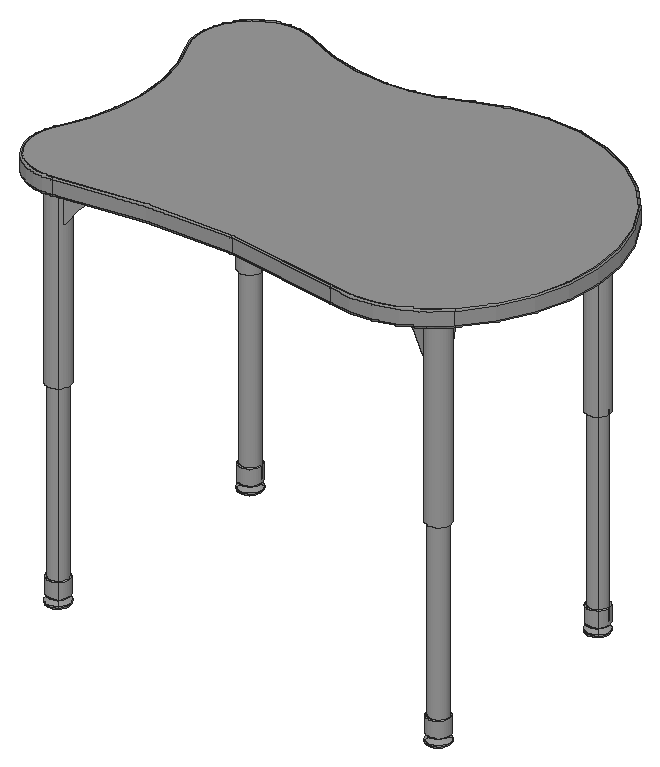
Revit family "Hierarchy Fender Large Desk", category Furniture, Revit 2018
Family settings
  Work Plane-Based = No
  Always vertical = Yes
  Cut with Voids When Loaded = No
  Shared = No
  Room Calculation Point = No
Parameters
  Desk Height = 2' - 5"
  Surface = Hierarchy Fender Large Desk Surface
  Leg Finish = Hierarchy Leg Platinum
  Caster/Glide = Hierarchy Leg - Glide : Hierarchy Leg - Glide
  Edgeband = Hierarchy Fender Large Desk Edgeband
Reference planes (in)
  plane 1 "Center (Front/Back)": y = 0
  plane 2: z = 0
  plane 3 "Center (Left/Right)": x = 0
  plane 4: z = 29
Dimensions and locks (in)
  "Desk Height": plane 4 to level
  aligned and locked: plane 2 to level
  aligned and locked: nested 1 to plane 4
Nested families (in)
  nested 1: "Fender Large Tabletop" at (0, 0, 4.375), type "Fender Large Tabletop"
  nested 2: "Hierarchy Leg - Glide" at (-14.13555, 8.73036, 0) x (0.7187, 0.6953, 0) z (0, 0, 1), type <- "Caster/Glide", Leg Finish <- "Leg Finish", Leg Height <- "Desk Height", type "Hierarchy Leg - Glide"
  nested 3: "Hierarchy Leg - Glide" at (-14.44519, -8.95185, 0) x (-0.6523, 0.758, 0) z (0, 0, 1), type <- "Caster/Glide", Leg Finish <- "Leg Finish", Leg Height <- "Desk Height", type "Hierarchy Leg - Glide"
  nested 4: "Hierarchy Leg - Glide" at (13.41239, -7.99511, 0) x (-0.6516, -0.7585, 0) z (0, 0, 1), Leg Finish <- "Leg Finish", Leg Height <- "Desk Height", type "Hierarchy Leg - Glide"
    with Leg Height 2' - 5", Leg Finish Hierarchy Leg Platinum
  nested 5: "Hierarchy Leg - Glide" at (12.44548, 8.20488, 0) x (0.673, -0.7396, 0) z (0, 0, 1), Leg Finish <- "Leg Finish", Leg Height <- "Desk Height", type "Hierarchy Leg - Glide"
    with Leg Height 2' - 5", Leg Finish Hierarchy Leg Platinum
Definition of nested family "Fender Large Tabletop"
  Parameters (values of type "Fender Large Tabletop")
    Surface = none
    Edgeband = none
  Reference planes (in)
    plane 1 "Center (Front/Back)": y = 0
    plane 2: z = 0
    plane 3 "Center (Left/Right)": x = 0
  Forms (in)
    Extrusion 1, solid, material <- "Surface"
      sketch origin (0, 0, 0) x (1, 0, 0) y (0, 1, 0)
        loop
          arc (-16.54, 5.85448) -> (-15.37005, 2.85446) -> (-14.9842, -0.34243) r 12.82588
          arc (-14.9842, -0.34243) -> (-15.38855, -3.47903) -> (-16.54139, -6.42397) r 12.94498
          arc (-16.54139, -6.42397) -> (-16.27167, -10.0573) -> (-12.85847, -11.33162) r 3.3774
          arc (-12.85847, -11.33162) -> (-6.5983, -10.38668) -> (-0.26914, -10.2302) r 50.64304
          arc (-0.26914, -10.2302) -> (3.88705, -10.56276) -> (8.00065, -11.24302) r 49.62977
          arc (8.00065, -11.24302) -> (11.97886, -11.04383) -> (15.34964, -8.92165) r 7.86744
          arc (15.34964, -8.92165) -> (16.24925, 7.27288) -> (0.46174, 10.99128) r 12.62621
          arc (0.46174, 10.99128) -> (-2.07479, 10.0375) -> (-4.75563, 9.64153) r 12.74533
          arc (-4.75563, 9.64153) -> (-8.12546, 9.94022) -> (-11.30862, 11.08587) r 13.19642
          arc (-11.30862, 11.08587) -> (-15.83026, 10.37612) -> (-16.54, 5.85448) r 3.88603
      from 24.625 to 25.875
    Sweep 2, solid, material <- "Edgeband"
      path origin (0, 0, 0) x (1, 0, 0) y (0, 1, 0)
        loop
          arc (-16.54, 5.85448) -> (-15.37005, 2.85446) -> (-14.9842, -0.34243) r 12.82588
          arc (-14.9842, -0.34243) -> (-15.38855, -3.47903) -> (-16.54139, -6.42397) r 12.94498
          arc (-16.54139, -6.42397) -> (-16.27167, -10.0573) -> (-12.85847, -11.33162) r 3.3774
          arc (-12.85847, -11.33162) -> (-6.5983, -10.38668) -> (-0.26914, -10.2302) r 50.64304
          arc (-0.26914, -10.2302) -> (3.88705, -10.56276) -> (8.00065, -11.24302) r 49.62977
          arc (8.00065, -11.24302) -> (11.97886, -11.04383) -> (15.34964, -8.92165) r 7.86744
          arc (15.34964, -8.92165) -> (16.24925, 7.27288) -> (0.46174, 10.99128) r 12.62621
          arc (0.46174, 10.99128) -> (-2.07479, 10.0375) -> (-4.75563, 9.64153) r 12.74533
          arc (-4.75563, 9.64153) -> (-8.12546, 9.94022) -> (-11.30862, 11.08587) r 13.19642
          arc (-11.30862, 11.08587) -> (-15.83026, 10.37612) -> (-16.54, 5.85448) r 3.88603
      profile origin (-15.37005, 2.85446, 0) x (0.9699, 0.243504, 0) y (0, 0, 1)
        loop
          arc (0, 25.87716) -> (-0.08991, 25.83991) -> (-0.12715, 25.75) r 0.12715
          line (-0.12715, 25.75) -> (-0.12715, 24.75)
          arc (-0.12715, 24.75) -> (-0.08991, 24.66009) -> (0, 24.62285) r 0.12715
          line (0, 24.62285) -> (0, 25.87716)
  Dimensions and locks (in)
    aligned and locked: plane 2 to level
Definition of nested family "Hierarchy Leg - Glide"
  Parameters (values of type "Hierarchy Leg - Glide")
    Leg Finish [instance] = none
    Leg Height [instance] = 2' - 5"
  Reference planes (in)
    plane 1 "Center (Front/Back)": y = 0
    plane 2: z = 0
    plane 3 "Center (Left/Right)": x = 0
  Forms (in)
    Extrusion 1, solid
      sketch origin (-0.01562, 0, 0) x (1, 0, 0) y (0, 1, 0)
        loop
          circle (0.01563, 0) r 0.67016
      from 0.67618 to 16.17618
    Revolve 2, solid
      sketch origin (0, 0, 0) x (1, 0, 0) y (0, 0, 1)
        loop
          line (-0.73189, 1.80118) -> (-0.79439, 1.73867) -> (-0.79439, 0.61381) -> (-0.73176, 0.55118) -> (-0.125, 0.55118) -> (-0.125, 0.42618) -> (-0.84656, 0.16241) -> (-0.84656, 0.08994) -> (-0.81359, 0) -> (0, 0) -> (0, 1.80118) -> (-0.73189, 1.80118)
        axis (0, 1.80118) -> (0, 0)
      angle from 0 to 360
  Dimensions and locks (in)
    "Leg Height": nested 1 to level
    aligned and locked: plane 2 to level
  Automatic sketch dimensions
    plane 1 "Center (Front/Back)" to Extrusion 1 sketch curve = 0' - 0"
    Extrusion 1 sketch curve to plane 3 "Center (Left/Right)" = 0' - 0"
    Revolve 2 sketch curve to level = 0' - 0"
    Revolve 2 sketch curve to plane 3 "Center (Left/Right)" = 0' - 0"  (x2)
    Revolve 2 sketch curve to plane 3 "Center (Left/Right)" = 0' - 0 1/8"
    Revolve 2 sketch curve to Revolve 2 sketch curve = 0' - 0.60676"
    Revolve 2 sketch curve to Revolve 2 sketch curve = 0' - 0.73189"
    Revolve 2 sketch curve to Revolve 2 sketch curve = 0' - 0.06263"  (x2)
    Revolve 2 sketch curve to Revolve 2 sketch curve = 0' - 0.08183"
    Revolve 2 sketch curve to Revolve 2 sketch curve = 0' - 0.03297"
    level to Revolve 2 sketch curve = 0' - 0.08994"
    Revolve 2 sketch curve to Revolve 2 sketch curve = 0' - 0.07247"
    level to Revolve 2 sketch curve = 0' - 0.42618"
    Revolve 2 sketch curve to Revolve 2 sketch curve = 0' - 0 1/8"
    Revolve 2 sketch curve to Revolve 2 sketch curve = 0' - 1.12486"
    Revolve 2 sketch curve to Revolve 2 sketch curve = 0' - 0 1/16"
    Revolve 2 sketch curve to level = 2' - 0"
    Revolve 2 sketch curve to Revolve 2 sketch curve = 8' - 4.91764"
    radius of Extrusion 1 sketch curve = 0' - 0.67016"
  Nested families (in)
    nested 1: "Hierarchy Upper Leg 2023" at (0, 0, 1.19783), Shapes Leg Finish <- "Leg Finish", type "Hierarchy Upper Leg 2023"
      with Shapes Leg Finish none
  Definition of nested family "Hierarchy Upper Leg 2023"
    Parameters (values of type "Hierarchy Upper Leg 2023")
      Shapes Leg Finish [instance] = none
    Reference planes (in)
      plane 1 "Center (Front/Back)": y = 0
      plane 2: z = 0
      plane 3 "Center (Left/Right)": x = 0
    Forms (in)
      Extrusion 1, solid, material <- "Shapes Leg Finish"
        sketch origin (0, 0, 0) x (1, 0, 0) y (0, 1, 0)
          loop
            circle (0, 0) r 0.84802
        from 13.67618 to 27.67618
      Extrusion 2, solid, material <- "Shapes Leg Finish"
        sketch origin (0, 0, 0) x (1, 0, 0) y (0, 1, 0)
          loop
            line (-1.70174, 0.19183) -> (-2.88626, -2.26116)
            arc (-2.88626, -2.26116) -> (-2.83993, -3.09822) -> (-2.1063, -3.50394) r 0.86614
            line (-2.1063, -3.50394) -> (2.1063, -3.50394)
            arc (2.1063, -3.50394) -> (2.83993, -3.09822) -> (2.88626, -2.26116) r 0.86614
            line (2.88626, -2.26116) -> (1.70174, 0.19183)
            arc (1.70174, 0.19183) -> (0, 1.25984) -> (-1.70174, 0.19183) r 1.88976
        from 27.67618 to 27.80217
      Extrusion 3, solid, material <- "Shapes Leg Finish"
        sketch origin (-1.48519, 8.66524, 0) x (-0.434844, 0.900506, 0) y (0, 0, 1)
          loop
            line (-9.01425, 27.67618) -> (-11.80952, 27.67618)
            arc (-11.80952, 27.67618) -> (-11.92325, 27.58993) -> (-11.87088, 27.45715) r 0.11811
            arc (-11.87088, 27.45715) -> (-10.39364, 26.29679) -> (-9.23328, 24.81955) r 7.87402
            arc (-9.23328, 24.81955) -> (-9.1005, 24.76717) -> (-9.01425, 24.88091) r 0.11811
            line (-9.01425, 24.88091) -> (-9.01425, 27.67618)
        from -1.94075 to -1.81476
      Extrusion 4, solid, material <- "Shapes Leg Finish"
        sketch origin (1.48519, 8.66524, 0) x (0.434844, 0.900506, 0) y (0, 0, -1)
          loop
            line (-9.01425, -27.67618) -> (-9.01425, -24.88091)
            arc (-9.01425, -24.88091) -> (-9.1005, -24.76717) -> (-9.23328, -24.81955) r 0.11811
            arc (-9.23328, -24.81955) -> (-10.39364, -26.29679) -> (-11.87088, -27.45715) r 7.87402
            arc (-11.87088, -27.45715) -> (-11.92325, -27.58993) -> (-11.80952, -27.67618) r 0.11811
            line (-11.80952, -27.67618) -> (-9.01425, -27.67618)
        from -1.94075 to -1.81476
    Dimensions and locks (in)
      aligned and locked: plane 2 to level
